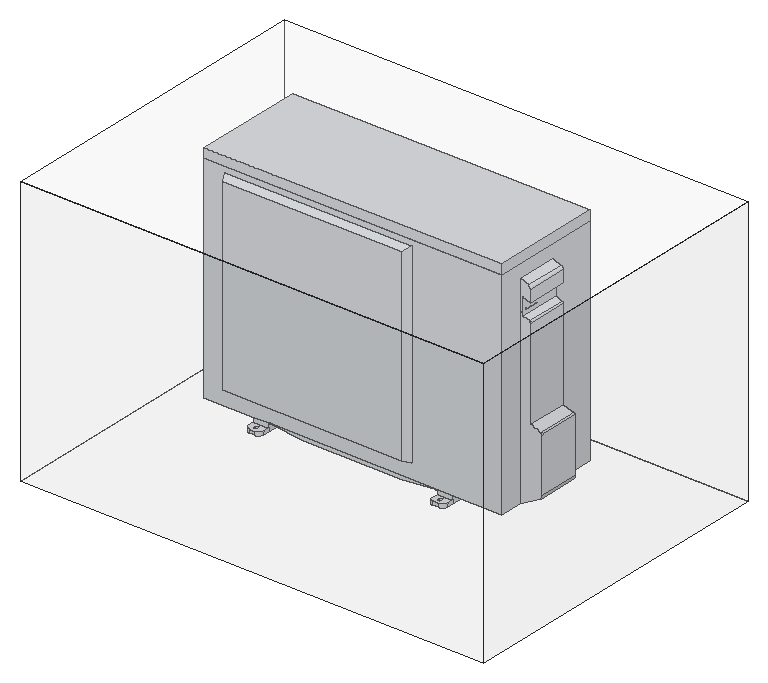
Revit family "puz-ermp40_63ska12_50Hz", category 機械設備, Revit 2019 (continued)
Definition of nested family "PUZ-ZRMP-1"
  Lines and regions (mm)
    model lines, visible <- "タイプ3", not visible
      curve 342: line (-404.5, -100, 907) -> (-404.5, -60, 907)
      curve 343: line (-404.5, -100, 1097) -> (-404.5, -100, 907)
      curve 344: line (-404.5, -60, 1097) -> (-404.5, -100, 1097)
      curve 345: line (-404.5, -60, 907) -> (-404.5, -60, 1097)
      curve 346: line (-404.5, 60, 907) -> (-404.5, 100, 907)
      curve 347: line (-404.5, 60, 1097) -> (-404.5, 60, 907)
      curve 348: line (-404.5, 100, 1097) -> (-404.5, 60, 1097)
      curve 349: line (-404.5, 100, 907) -> (-404.5, 100, 1097)
      curve 350: line (-404.5, -46.667, 907) -> (-404.5, -6.667, 907)
      curve 351: line (-404.5, -46.667, 1097) -> (-404.5, -46.667, 907)
      curve 352: line (-404.5, -6.667, 1097) -> (-404.5, -46.667, 1097)
      curve 353: line (-404.5, -6.667, 907) -> (-404.5, -6.667, 1097)
      curve 354: line (-404.5, 6.667, 907) -> (-404.5, 46.667, 907)
      curve 355: line (-404.5, 6.667, 1097) -> (-404.5, 6.667, 907)
      curve 356: line (-404.5, 46.667, 1097) -> (-404.5, 6.667, 1097)
      curve 357: line (-404.5, 46.667, 907) -> (-404.5, 46.667, 1097)
      curve 358: line (-404.5, -100, 1112) -> (-404.5, -60, 1112)
      curve 359: line (-404.5, -100, 1302) -> (-404.5, -100, 1112)
      curve 360: line (-404.5, -60, 1302) -> (-404.5, -100, 1302)
      curve 361: line (-404.5, -60, 1112) -> (-404.5, -60, 1302)
      curve 362: line (-404.5, 60, 1112) -> (-404.5, 100, 1112)
      curve 363: line (-404.5, 60, 1302) -> (-404.5, 60, 1112)
      curve 364: line (-404.5, 100, 1302) -> (-404.5, 60, 1302)
      curve 365: line (-404.5, 100, 1112) -> (-404.5, 100, 1302)
      curve 366: line (-404.5, -46.667, 1112) -> (-404.5, -6.667, 1112)
      curve 367: line (-404.5, -46.667, 1302) -> (-404.5, -46.667, 1112)
      curve 368: line (-404.5, -6.667, 1302) -> (-404.5, -46.667, 1302)
      curve 369: line (-404.5, -6.667, 1112) -> (-404.5, -6.667, 1302)
      curve 370: line (-404.5, 6.667, 1112) -> (-404.5, 46.667, 1112)
      curve 371: line (-404.5, 6.667, 1302) -> (-404.5, 6.667, 1112)
      curve 372: line (-404.5, 46.667, 1302) -> (-404.5, 6.667, 1302)
      curve 373: line (-404.5, 46.667, 1112) -> (-404.5, 46.667, 1302)
    model lines, visible <- "タイプ2", not visible
      curve 374: line (-600, -100, 33.5) -> (-600, -60, 33.5)
      curve 375: line (-600, -100, 73.5) -> (-600, -100, 33.5)
      curve 376: line (-600, -60, 73.5) -> (-600, -100, 73.5)
      curve 377: line (-600, -60, 33.5) -> (-600, -60, 73.5)
      curve 378: line (-600, 60, 33.5) -> (-600, 100, 33.5)
      curve 379: line (-600, 60, 73.5) -> (-600, 60, 33.5)
      curve 380: line (-600, 100, 73.5) -> (-600, 60, 73.5)
      curve 381: line (-600, 100, 33.5) -> (-600, 100, 73.5)
      curve 382: line (-509, -46.667, 33.5) -> (-509, -6.667, 33.5)
      curve 383: line (-509, -46.667, 73.5) -> (-509, -46.667, 33.5)
      curve 384: line (-509, -6.667, 73.5) -> (-509, -46.667, 73.5)
      curve 385: line (-509, -6.667, 33.5) -> (-509, -6.667, 73.5)
      curve 386: line (-509, 6.667, 33.5) -> (-509, 46.667, 33.5)
      curve 387: line (-509, 6.667, 73.5) -> (-509, 6.667, 33.5)
      curve 388: line (-509, 46.667, 73.5) -> (-509, 6.667, 73.5)
      curve 389: line (-509, 46.667, 33.5) -> (-509, 46.667, 73.5)
      curve 483: line (-404.5, -100, 33.5) -> (-404.5, -60, 33.5)
      curve 484: line (-404.5, -100, 73.5) -> (-404.5, -100, 33.5)
      curve 485: line (-404.5, -60, 73.5) -> (-404.5, -100, 73.5)
      curve 486: line (-404.5, -60, 33.5) -> (-404.5, -60, 73.5)
      curve 487: line (-404.5, 60, 33.5) -> (-404.5, 100, 33.5)
      curve 488: line (-404.5, 60, 73.5) -> (-404.5, 60, 33.5)
      curve 489: line (-404.5, 100, 73.5) -> (-404.5, 60, 73.5)
      curve 490: line (-404.5, 100, 33.5) -> (-404.5, 100, 73.5)
      curve 491: line (-404.5, -46.667, 33.5) -> (-404.5, -6.667, 33.5)
      curve 492: line (-404.5, -46.667, 73.5) -> (-404.5, -46.667, 33.5)
      curve 493: line (-404.5, -6.667, 73.5) -> (-404.5, -46.667, 73.5)
      curve 494: line (-404.5, -6.667, 33.5) -> (-404.5, -6.667, 73.5)
      curve 495: line (-404.5, 6.667, 33.5) -> (-404.5, 46.667, 33.5)
      curve 496: line (-404.5, 6.667, 73.5) -> (-404.5, 6.667, 33.5)
      curve 497: line (-404.5, 46.667, 73.5) -> (-404.5, 6.667, 73.5)
      curve 498: line (-404.5, 46.667, 33.5) -> (-404.5, 46.667, 73.5)
    model lines, not visible
      curve 390: line (-404.5, -100, 87) -> (-404.5, -60, 87)
      curve 391: line (-404.5, -100, 277) -> (-404.5, -100, 87)
      curve 392: line (-404.5, -60, 277) -> (-404.5, -100, 277)
      curve 393: line (-404.5, -60, 87) -> (-404.5, -60, 277)
      curve 394: line (-404.5, -100, 292) -> (-404.5, -60, 292)
      curve 395: line (-404.5, -100, 482) -> (-404.5, -100, 292)
      curve 396: line (-404.5, -60, 482) -> (-404.5, -100, 482)
      curve 397: line (-404.5, -60, 292) -> (-404.5, -60, 482)
      curve 398: line (-404.5, -100, 497) -> (-404.5, -60, 497)
      curve 399: line (-404.5, -100, 687) -> (-404.5, -100, 497)
      curve 400: line (-404.5, -60, 687) -> (-404.5, -100, 687)
      curve 401: line (-404.5, -60, 497) -> (-404.5, -60, 687)
      curve 402: line (-404.5, -100, 702) -> (-404.5, -60, 702)
      curve 403: line (-404.5, -100, 892) -> (-404.5, -100, 702)
      curve 404: line (-404.5, -60, 892) -> (-404.5, -100, 892)
      curve 405: line (-404.5, -60, 702) -> (-404.5, -60, 892)
      curve 406: line (-404.5, 60, 87) -> (-404.5, 100, 87)
      curve 407: line (-404.5, 60, 277) -> (-404.5, 60, 87)
      curve 408: line (-404.5, 100, 277) -> (-404.5, 60, 277)
      curve 409: line (-404.5, 100, 87) -> (-404.5, 100, 277)
      curve 410: line (-404.5, -46.667, 87) -> (-404.5, -6.667, 87)
      curve 411: line (-404.5, -46.667, 277) -> (-404.5, -46.667, 87)
      curve 412: line (-404.5, -6.667, 277) -> (-404.5, -46.667, 277)
      curve 413: line (-404.5, -6.667, 87) -> (-404.5, -6.667, 277)
      curve 414: line (-404.5, 6.667, 87) -> (-404.5, 46.667, 87)
      curve 415: line (-404.5, 6.667, 277) -> (-404.5, 6.667, 87)
      curve 416: line (-404.5, 46.667, 277) -> (-404.5, 6.667, 277)
      curve 417: line (-404.5, 46.667, 87) -> (-404.5, 46.667, 277)
      curve 418: line (-404.5, 60, 292) -> (-404.5, 100, 292)
      curve 419: line (-404.5, 60, 482) -> (-404.5, 60, 292)
      curve 420: line (-404.5, 100, 482) -> (-404.5, 60, 482)
      curve 421: line (-404.5, 100, 292) -> (-404.5, 100, 482)
      curve 422: line (-404.5, 60, 702) -> (-404.5, 100, 702)
      curve 423: line (-404.5, 60, 892) -> (-404.5, 60, 702)
      curve 424: line (-404.5, 100, 892) -> (-404.5, 60, 892)
      curve 425: line (-404.5, 100, 702) -> (-404.5, 100, 892)
      curve 426: line (-404.5, -46.667, 292) -> (-404.5, -6.667, 292)
      curve 427: line (-404.5, -46.667, 482) -> (-404.5, -46.667, 292)
      curve 428: line (-404.5, -6.667, 482) -> (-404.5, -46.667, 482)
      curve 429: line (-404.5, -6.667, 292) -> (-404.5, -6.667, 482)
      curve 430: line (-404.5, -46.667, 497) -> (-404.5, -6.667, 497)
      curve 431: line (-404.5, -46.667, 687) -> (-404.5, -46.667, 497)
      curve 432: line (-404.5, -6.667, 687) -> (-404.5, -46.667, 687)
      curve 433: line (-404.5, -6.667, 497) -> (-404.5, -6.667, 687)
      curve 434: line (-404.5, -46.667, 702) -> (-404.5, -6.667, 702)
      curve 435: line (-404.5, -46.667, 892) -> (-404.5, -46.667, 702)
      curve 436: line (-404.5, -6.667, 892) -> (-404.5, -46.667, 892)
      curve 437: line (-404.5, -6.667, 702) -> (-404.5, -6.667, 892)
      curve 438: line (-404.5, 6.667, 292) -> (-404.5, 46.667, 292)
      curve 439: line (-404.5, 6.667, 482) -> (-404.5, 6.667, 292)
      curve 440: line (-404.5, 46.667, 482) -> (-404.5, 6.667, 482)
      curve 441: line (-404.5, 46.667, 292) -> (-404.5, 46.667, 482)
      curve 442: line (-404.5, 6.667, 497) -> (-404.5, 46.667, 497)
      curve 443: line (-404.5, 6.667, 687) -> (-404.5, 6.667, 497)
      curve 444: line (-404.5, 46.667, 687) -> (-404.5, 6.667, 687)
      curve 445: line (-404.5, 46.667, 497) -> (-404.5, 46.667, 687)
      curve 446: line (-404.5, 6.667, 702) -> (-404.5, 46.667, 702)
      curve 447: line (-404.5, 6.667, 892) -> (-404.5, 6.667, 702)
      curve 448: line (-404.5, 46.667, 892) -> (-404.5, 6.667, 892)
      curve 449: line (-404.5, 46.667, 702) -> (-404.5, 46.667, 892)
      curve 450: line (-338.5, -173.2, 372.5) -> (149.5, -173.2, 372.5)
      curve 451: line (149.5, -173.2, 277.5) -> (-338.5, -173.2, 277.5)
      curve 452: line (-338.5, -173.2, 467.5) -> (149.5, -173.2, 467.5)
      curve 453: line (-338.5, -173.2, 562.5) -> (149.5, -173.2, 562.5)
      curve 454: line (149.5, -173.2, 182.5) -> (-338.5, -173.2, 182.5)
      curve 455: line (149.5, -173.2, 87.5) -> (-338.5, -173.2, 87.5)
      curve 456: line (-321.071, -173.2, 579) -> (-321.071, -173.2, 71)
      curve 457: line (132.071, -173.2, 71) -> (132.071, -173.2, 579)
      curve 458: line (-303.643, -173.2, 579) -> (-303.643, -173.2, 71)
      curve 459: line (-286.214, -173.2, 579) -> (-286.214, -173.2, 71)
      curve 460: line (-268.786, -173.2, 579) -> (-268.786, -173.2, 71)
      curve 461: line (-251.357, -173.2, 579) -> (-251.357, -173.2, 71)
      curve 462: line (-233.929, -173.2, 579) -> (-233.929, -173.2, 71)
      curve 463: line (-216.5, -173.2, 579) -> (-216.5, -173.2, 71)
      curve 464: line (-199.071, -173.2, 579) -> (-199.071, -173.2, 71)
      curve 465: line (-181.643, -173.2, 579) -> (-181.643, -173.2, 71)
      curve 466: line (-164.214, -173.2, 579) -> (-164.214, -173.2, 71)
      curve 467: line (-146.786, -173.2, 579) -> (-146.786, -173.2, 71)
      curve 468: line (-129.357, -173.2, 579) -> (-129.357, -173.2, 71)
      curve 469: line (-111.929, -173.2, 579) -> (-111.929, -173.2, 71)
      curve 470: line (-94.5, -173.2, 579) -> (-94.5, -173.2, 71)
      curve 471: line (-77.071, -173.2, 579) -> (-77.071, -173.2, 71)
      curve 472: line (-59.643, -173.2, 579) -> (-59.643, -173.2, 71)
      curve 473: line (-42.214, -173.2, 579) -> (-42.214, -173.2, 71)
      curve 474: line (-24.786, -173.2, 579) -> (-24.786, -173.2, 71)
      curve 475: line (-7.357, -173.2, 579) -> (-7.357, -173.2, 71)
      curve 476: line (10.071, -173.2, 579) -> (10.071, -173.2, 71)
      curve 477: line (27.5, -173.2, 579) -> (27.5, -173.2, 71)
      curve 478: line (44.929, -173.2, 579) -> (44.929, -173.2, 71)
      curve 479: line (62.357, -173.2, 579) -> (62.357, -173.2, 71)
      curve 480: line (79.786, -173.2, 579) -> (79.786, -173.2, 71)
      curve 481: line (97.214, -173.2, 579) -> (97.214, -173.2, 71)
      curve 482: line (114.643, -173.2, 579) -> (114.643, -173.2, 71)
    symbolic lines, visible <- "タイプ1"
      curve 499: line (-278.151, 150, 630) -> (-404.5, 150, 630)
      curve 500: line (-404.5, 150, 630) -> (-404.5, -5.599, 630)
      curve 501: line (-404.5, 40, 630) -> (-424.5, 30, 630)
      curve 502: line (-424.5, 30, 630) -> (-424.5, -30, 630)
      curve 503: line (-424.5, -30, 630) -> (-404.5, -40, 630)
      curve 504: line (-404.5, -5.599, 630) -> (-404.5, -150, 630)
      curve 505: line (-404.5, -150, 630) -> (-301.612, -150, 630)
      curve 506: arc (-272.806, -170, 630) -> (-268.124, -177.204, 630) -> (-260, -180, 630) r 13.2
      curve 507: line (-260, -180, 630) -> (-243.332, -180, 630)
      curve 508: arc (-243.332, -180, 630) -> (-235.208, -177.204, 630) -> (-230.526, -170, 630) r 13.2
      curve 509: line (-301.612, -150, 630) -> (280.999, -150, 630)
      curve 510: line (230, -150, 630) -> (230, -170, 630)
      curve 511: arc (230, -170, 630) -> (232.929, -177.071, 630) -> (240, -180, 630) r 10
      curve 512: line (240, -180, 630) -> (256.8, -180, 630)
      curve 513: arc (256.8, -180, 630) -> (266.134, -176.134, 630) -> (270, -166.8, 630) r 13.2
      curve 514: line (270, -166.8, 630) -> (270, -150, 630)
      curve 515: line (280.999, -150, 630) -> (404.5, -150, 630)
      curve 516: line (404.5, -150, 630) -> (404.5, -77.105, 630)
      curve 517: line (404.5, -90, 630) -> (466.5, -90, 630)
      curve 518: line (466.5, -90, 630) -> (466.5, 20, 630)
      curve 519: line (466.5, 20, 630) -> (404.5, 20, 630)
      curve 520: line (404.5, -77.105, 630) -> (404.5, 150, 630)
      curve 521: line (404.5, 150, 630) -> (308.975, 150, 630)
      curve 522: line (270, 150, 630) -> (270, 180, 630)
      curve 523: line (270, 180, 630) -> (230, 180, 630)
      curve 524: line (230, 180, 630) -> (230, 150, 630)
      curve 525: line (308.975, 150, 630) -> (-278.151, 150, 630)
      curve 526: line (-230, 150, 630) -> (-230, 180, 630)
      curve 527: line (-230, 180, 630) -> (-270, 180, 630)
      curve 528: line (-270, 180, 630) -> (-270, 150, 630)
      curve 529: line (-324.5, 100, 630) -> (324.5, 100, 630)
      curve 530: line (-324.5, 40, 630) -> (-324.5, 100, 630)
      curve 531: line (324.5, 40, 630) -> (-324.5, 40, 630)
      curve 532: line (324.5, 100, 630) -> (324.5, 40, 630)
      curve 533: line (324.5, 30, 630) -> (-324.5, 30, 630)
      curve 534: line (324.5, -30, 630) -> (324.5, 30, 630)
      curve 535: line (-324.5, -30, 630) -> (324.5, -30, 630)
      curve 536: line (-324.5, 30, 630) -> (-324.5, -30, 630)
      curve 537: line (-324.5, -40, 630) -> (324.5, -40, 630)
      curve 538: line (-324.5, -100, 630) -> (-324.5, -40, 630)
      curve 539: line (324.5, -100, 630) -> (-324.5, -100, 630)
      curve 540: line (324.5, -40, 630) -> (324.5, -100, 630)
      curve 541: line (339.5, 100, 630) -> (354.5, 100, 630)
      curve 542: line (339.5, -100, 630) -> (339.5, 100, 630)
      curve 543: line (354.5, -100, 630) -> (339.5, -100, 630)
      curve 544: line (354.5, 100, 630) -> (354.5, -100, 630)
      curve 545: line (-354.5, 100, 630) -> (-339.5, 100, 630)
      curve 546: line (-354.5, -100, 630) -> (-354.5, 100, 630)
      curve 547: line (-339.5, -100, 630) -> (-354.5, -100, 630)
      curve 548: line (-339.5, 100, 630) -> (-339.5, -100, 630)
      curve 549: line (-338.5, -170, 630) -> (149.5, -170, 630)
      curve 550: line (149.5, -170, 630) -> (159.5, -150, 630)
      curve 551: line (-348.5, -150, 630) -> (-338.5, -170, 630)
  Dimensions and locks
    equal spacing: plane 8, plane 1 "中心(正面/背面)", plane 7
    "奥行き": plane 8 to plane 7
    equal spacing: plane 5, plane 3 "中心(左/右)", plane 6
    "幅さ": plane 5 to plane 6
    "高さ": plane 4 to level
    locked: plane 6 to plane 9 at 62
    locked: plane 8 to plane 10 at 60
    locked: plane 8 to plane 11 at 170
    locked: plane 4 to plane 12 at 25
    locked: plane 13 to plane 5 at 20
    "吊りボルト-D": plane 17 to plane 16
    equal spacing: plane 17, plane 1 "中心(正面/背面)", plane 16
    equal spacing: plane 14, plane 3 "中心(左/右)", plane 15
    "吊りボルト-W": plane 14 to plane 15
    plane 21 to plane 14 to plane 20 = 20 mm locked, 20 mm locked
    plane 19 to plane 15 to plane 18 = 20 mm locked, 20 mm locked
    locked: plane 16 to plane 22 at 15
    locked: plane 23 to plane 17 at 15
    locked: plane 24 to level at 8.5
    locked: plane 25 to level at 20
    locked: plane 26 to plane 24 at 3
    locked: plane 4 to plane 29 at 5
    plane 7 to plane 1 "中心(正面/背面)" to plane 8 = 150 mm, 150 mm
    plane 31 to plane 1 "中心(正面/背面)" to plane 30 = 40 mm locked, 40 mm locked
    plane 33 to plane 1 "中心(正面/背面)" to plane 32 = 30 mm locked, 30 mm locked
    locked: plane 34 to plane 12 at 5
    locked: plane 35 to level at 55
    locked: plane 36 to level at 225
    equal spacing: plane 6, plane 39, plane 9
    locked: plane 6 to plane 38 at 10
    locked: plane 20 to plane 27 at 95
    locked: plane 28 to plane 19 at 95
    "換気-D": plane 40 to plane 8
    "換気-W": plane 41 to plane 5
    "換気-H1": plane 42 to level
    plane 43 to plane 41 to plane 44 = 254 mm locked, 254 mm locked
    plane 45 to plane 42 to plane 46 = 264 mm locked, 264 mm locked
    locked: plane 43 to plane 48 at 10
    locked: plane 47 to plane 44 at 10
    locked: plane 45 to plane 49 at 10
    locked: plane 50 to plane 46 at 10
    locked: curve 26 to plane 50 at 16.5
    locked: plane 49 to curve 24 at 16.5
    equal spacing: curve 24, curve 23, curve 21, curve 22, curve 25, curve 26
    equal spacing: plane 48, curve 28, curve 53, curve 52, curve 51, curve 50, curve 49, curve 48, curve 47, curve 46, curve 45, curve 44, curve 43, curve 42, curve 41, curve 40, curve 39, curve 38, curve 37, curve 36, curve 35, curve 34, curve 33, curve 32, curve 31, curve 30, curve 29, curve 27, plane 47
    locked: curve 4 to curve 6 at 10
    locked: curve 3 to curve 5 at 10
    locked: plane 51 to plane 7 at 50
    locked: plane 8 to plane 52 at 50
    equal spacing: group 1, group 2, group 3, group 4, group 5, group 6, group 7, group 8, group 9, group 10, group 11, group 12, group 13, group 14, group 15, group 16, group 17, group 18  (x2)
    equal spacing: group 18, group 17, group 16, group 15, group 14, group 13, group 12, group 11, group 10, group 9, group 8, group 7, group 6, group 5, group 4, group 3, group 2, group 1
    "ドレン管径-X": plane 5 to plane 53
    "ドレン管径-Y": plane 8 to plane 54
    "配線取出口-Y": plane 57 to plane 7
    "冷媒液管径-Y": plane 58 to plane 7
    "冷媒ガス管径-Y": plane 59 to plane 7
    "配線取出口-X": plane 3 "中心(左/右)" to plane 56
    "冷媒ガス管径-X": plane 3 "中心(左/右)" to plane 55
    "冷媒液管径-X": plane 3 "中心(左/右)" to plane 60
    "冷媒液管径-Z": plane 62 to level
    "冷媒ガス管径-Z": plane 61 to level
    "配線取出口-Z": plane 63 to level
    locked: plane 57 to plane 64 at 50
    locked: plane 65 to plane 61 at 37.8
    locked: plane 66 to plane 62 at 16.1
    equal spacing: plane 55, plane 67, plane 60
    equal spacing: plane 58, plane 68, plane 59
    "a": plane 69 "グループ" to plane 3 "中心(左/右)"
    plane 71 to level = 943 mm
    plane 70 to level = 1338 mm
    locked: plane 37 to level at 570
    curve 21 to plane 42 to curve 22 = 47.5 mm locked, 47.5 mm locked
    "換気-H2": plane 72 to plane 42
    plane 73 to plane 72 to plane 74 = 264 mm locked, 264 mm locked
    locked: plane 76 to plane 74 at 10
    locked: plane 73 to plane 75 at 10
    plane 48 to plane 47 = 488 mm
    plane 68 to plane 7 = 185.5 mm
    plane 61 to level = 99.5 mm
    plane 65 to plane 61 = 37.8 mm
    plane 62 to level = 164.5 mm
    plane 66 to plane 62 = 16.1 mm
    plane 68 to plane 77 to plane 78 = 23 mm locked, 17.5 mm locked
    plane 68 to plane 77 = 23 mm
    plane 77 to plane 78 = 17.5 mm
    equal spacing: plane 77, plane 79, plane 78
    "ドレン配管サイズ": diameter of Extrusion 3 sketch curve
    "配線取出口サイズ": diameter of Extrusion 9 sketch curve
    "吊りボルト-φ": diameter of Extrusion 10 sketch curve  (x4)
    "冷媒配管サイズ": diameter of Sweep 11 sketch curve
    "ガス配管サイズ": diameter of Sweep 12 sketch curve
    aligned and locked: level to plane 2
    aligned and locked: Extrusion 1 to level
    aligned and locked: plane 25 to Extrusion 1
    aligned and locked: Extrusion 2 sketch curve to plane 25
    aligned and locked: Extrusion 2 sketch curve to plane 26
    aligned and locked: Extrusion 2 to plane 7
    aligned and locked: plane 8 to Extrusion 2
    aligned and locked: Extrusion 3 to plane 26
    aligned and locked: Extrusion 3 to plane 24
    aligned and locked: Extrusion 4 sketch curve to plane 7
    aligned and locked: Extrusion 4 sketch curve to plane 8
    aligned and locked: Extrusion 4 sketch curve to plane 5
    aligned and locked: Extrusion 4 sketch curve to plane 6
    aligned and locked: Extrusion 4 to plane 25
    aligned and locked: plane 12 to Extrusion 4
    aligned and locked: Extrusion 5 sketch curve to Extrusion 4  (x4)
    aligned and locked: Extrusion 5 to plane 12
    aligned and locked: plane 4 to Extrusion 5
    aligned and locked: plane 29 to Blend 6 sketch curve
    aligned and locked: Blend 6 sketch curve to plane 31
    aligned and locked: Blend 6 sketch curve to plane 12  (x2)
    aligned and locked: plane 30 to Blend 6 sketch curve
    aligned and locked: plane 34 to Blend 6 sketch curve
    aligned and locked: Blend 6 sketch curve to plane 33
    aligned and locked: plane 32 to Blend 6 sketch curve
    aligned and locked: Blend 6 to plane 13
    aligned and locked: plane 5 to Blend 6
    aligned and locked: Extrusion 7 sketch curve to plane 6
    aligned and locked: Extrusion 7 sketch curve to plane 9
    aligned and locked: Extrusion 7 sketch curve to plane 39
    aligned and locked: Extrusion 7 sketch curve to Extrusion 7 sketch curve
    aligned and locked: Extrusion 7 sketch curve to plane 38
    aligned and locked: Extrusion 7 to plane 11
    aligned and locked: plane 10 to Extrusion 7
    aligned and locked: Blend 8 sketch curve to plane 45
    aligned and locked: Blend 8 sketch curve to plane 46
    aligned and locked: Blend 8 sketch curve to plane 44
    aligned and locked: Blend 8 sketch curve to plane 43
    aligned and locked: Blend 8 sketch curve to plane 49
    aligned and locked: Blend 8 sketch curve to plane 47
    aligned and locked: Blend 8 sketch curve to plane 48
    aligned and locked: Blend 8 sketch curve to plane 50
    aligned and locked: Blend 8 to plane 8
    aligned and locked: plane 40 to Blend 8
    aligned and locked: curve 17 to plane 51
    aligned and locked: curve 1 to plane 51
    aligned and locked: plane 51 to curve 19
    aligned and locked: curve 18 to plane 52
    aligned and locked: plane 52 to curve 2
    aligned and locked: plane 52 to curve 20
    aligned and locked: plane 53 to Extrusion 3 sketch curve
    aligned and locked: plane 54 to Extrusion 3 sketch curve
    aligned and locked: plane 63 to Extrusion 9 sketch curve
    aligned and locked: plane 56 to Extrusion 9 sketch curve
    aligned and locked: plane 57 to Extrusion 9
    aligned and locked: Extrusion 9 to plane 64
    aligned and locked: plane 22 to Extrusion 10 sketch curve  (x4)
    aligned and locked: plane 21 to Extrusion 10 sketch curve
    aligned and locked: Extrusion 2 to Extrusion 10 sketch curve  (x2)
    aligned and locked: Extrusion 10 sketch curve to Extrusion 1  (x6)
    aligned and locked: plane 19 to Extrusion 10 sketch curve
    aligned and locked: Extrusion 10 sketch curve to plane 23  (x2)
    aligned and locked: Extrusion 10 sketch curve to plane 18
    aligned and locked: Extrusion 10 sketch curve to plane 20
    aligned and locked: plane 16 to Extrusion 10 sketch curve  (x2)
    aligned and locked: plane 14 to Extrusion 10 sketch curve  (x2)
    aligned and locked: plane 17 to Extrusion 10 sketch curve  (x2)
    aligned and locked: plane 15 to Extrusion 10 sketch curve  (x2)
    aligned and locked: level to Extrusion 10
    aligned and locked: plane 24 to Extrusion 10
    aligned and locked: Masking region 1 sketch curve to Extrusion 5  (x4)
    aligned and locked: Masking region 1 sketch curve to Blend 6  (x3)
    aligned and locked: Masking region 1 sketch curve to Extrusion 7  (x2)
    aligned and locked: Masking region 1 sketch curve to plane 9
    aligned and locked: Masking region 1 sketch curve to Extrusion 10  (x8)
    aligned and locked: Masking region 1 to curve 499
    aligned and locked: curve 500 to Masking region 1
    aligned and locked: curve 501 to Masking region 1
    aligned and locked: curve 502 to Masking region 1
    aligned and locked: curve 503 to Masking region 1
    aligned and locked: curve 504 to Masking region 1
    aligned and locked: curve 505 to Masking region 1
    aligned and locked: curve 506 to Masking region 1
    aligned and locked: curve 508 to Masking region 1
    aligned and locked: curve 510 to Masking region 1
    aligned and locked: curve 511 to Masking region 1
    aligned and locked: curve 513 to Masking region 1
    aligned and locked: Masking region 1 to curve 515
    aligned and locked: curve 516 to Masking region 1
    aligned and locked: curve 517 to Masking region 1
    aligned and locked: curve 518 to Masking region 1
    aligned and locked: curve 519 to Masking region 1
    aligned and locked: curve 520 to Masking region 1
    aligned and locked: curve 521 to Masking region 1
    aligned and locked: curve 522 to Masking region 1
    aligned and locked: curve 523 to Masking region 1
    aligned and locked: curve 524 to Masking region 1
    aligned and locked: curve 525 to Masking region 1
    aligned and locked: curve 526 to Masking region 1
    aligned and locked: curve 527 to Masking region 1
    aligned and locked: curve 528 to Masking region 1
    aligned and locked: curve 532 to curve 12
    aligned and locked: Masking region 1 sketch curve to curve 21
    aligned and locked: Masking region 1 sketch curve to Blend 8  (x2)
    aligned and locked: curve 549 to Blend 8
    aligned and locked: curve 550 to Blend 8
    aligned and locked: curve 551 to Blend 8
    aligned and locked: plane 78 to Sweep 12 sketch curve
    aligned and locked: plane 58 to Sweep 12 sketch curve
    aligned and locked: plane 77 to Sweep 11 sketch curve
    aligned and locked: plane 58 to Sweep 11 sketch curve
    aligned and locked: plane 61 to Sweep 12 sketch curve
  Automatic sketch dimensions
    Extrusion 2 sketch curve to plane 20 = 0 mm
    Extrusion 2 sketch curve to plane 27 = 0 mm
    Extrusion 2 sketch curve to plane 28 = 0 mm
    Extrusion 2 sketch curve to plane 19 = 0 mm
    Extrusion 7 sketch curve to plane 39 = 0 mm
    Extrusion 7 sketch curve to plane 25 = 0 mm
    Extrusion 7 sketch curve to plane 36 = 0 mm
    Extrusion 7 sketch curve to plane 37 = 0 mm
    Extrusion 7 sketch curve to Extrusion 7 sketch curve = 10 mm
    Extrusion 7 sketch curve to plane 39 = 6.58 mm
    Extrusion 7 sketch curve to Extrusion 7 sketch curve = 5 mm  (x2)
    plane 39 to Extrusion 7 sketch curve = 21 mm
    Extrusion 7 sketch curve to plane 39 = 3.29 mm
    Extrusion 7 sketch curve to plane 9 = 3.29 mm
    Extrusion 7 sketch curve to plane 35 = 2.87 mm
    Extrusion 7 sketch curve to Extrusion 7 sketch curve = 81.633 mm
    Extrusion 7 sketch curve to Extrusion 7 sketch curve = 30.244 mm
    Extrusion 7 sketch curve to Extrusion 7 sketch curve = 7.643 mm
    plane 7 to Extrusion 1 sketch curve = 0 mm  (x2)
    Extrusion 1 sketch curve to plane 18 = 0 mm
    plane 8 to Extrusion 1 sketch curve = 0 mm  (x2)
    Extrusion 1 sketch curve to plane 19 = 0 mm
    Extrusion 1 sketch curve to plane 20 = 0 mm
    Extrusion 1 sketch curve to plane 21 = 0 mm
    curve 383 to curve 384 = 40 mm
    curve 382 to curve 386 = 13.333 mm
    curve 386 to curve 386 = 40 mm
    curve 382 to curve 389 = 0 mm
    curve 382 to curve 384 = 40 mm
    curve 384 to curve 387 = 0 mm
    curve 375 to curve 376 = 40 mm
    curve 374 to curve 378 = 120 mm
    curve 378 to curve 378 = 40 mm
    curve 374 to curve 381 = 0 mm
    curve 374 to curve 376 = 40 mm
    curve 378 to curve 379 = 40 mm
    curve 25 to plane 47 = 0 mm
    curve 24 to plane 47 = 0 mm
    curve 22 to plane 47 = 0 mm
    curve 23 to plane 47 = 0 mm
    curve 26 to plane 47 = 0 mm
    curve 21 to plane 47 = 0 mm
    curve 24 to plane 48 = 0 mm
    curve 25 to plane 48 = 0 mm
    curve 26 to plane 48 = 0 mm
    curve 23 to plane 48 = 0 mm
    curve 22 to plane 48 = 0 mm
    curve 21 to plane 48 = 0 mm
    curve 37 to plane 50 = 0 mm
    curve 52 to plane 50 = 0 mm
    curve 51 to plane 50 = 0 mm
    curve 50 to plane 50 = 0 mm
    curve 49 to plane 50 = 0 mm
    curve 48 to plane 50 = 0 mm
    curve 47 to plane 50 = 0 mm
    curve 46 to plane 50 = 0 mm
    curve 45 to plane 50 = 0 mm
    curve 44 to plane 50 = 0 mm
    curve 43 to plane 50 = 0 mm
    curve 42 to plane 50 = 0 mm
    curve 41 to plane 50 = 0 mm
    curve 27 to plane 50 = 0 mm
    curve 28 to plane 50 = 0 mm
    curve 40 to plane 50 = 0 mm
    curve 39 to plane 50 = 0 mm
    curve 29 to plane 50 = 0 mm
    curve 38 to plane 50 = 0 mm
    curve 30 to plane 50 = 0 mm
    curve 53 to plane 50 = 0 mm
    curve 31 to plane 50 = 0 mm
    curve 36 to plane 50 = 0 mm
    curve 32 to plane 50 = 0 mm
    curve 35 to plane 50 = 0 mm
    curve 33 to plane 50 = 0 mm
    curve 34 to plane 50 = 0 mm
    curve 28 to plane 49 = 0 mm
    curve 41 to plane 49 = 0 mm
    curve 27 to plane 49 = 0 mm
    curve 42 to plane 49 = 0 mm
    curve 31 to plane 49 = 0 mm
    curve 40 to plane 49 = 0 mm
    curve 37 to plane 49 = 0 mm
    curve 39 to plane 49 = 0 mm
    curve 32 to plane 49 = 0 mm
    curve 45 to plane 49 = 0 mm
    curve 36 to plane 49 = 0 mm
    curve 46 to plane 49 = 0 mm
    curve 43 to plane 49 = 0 mm
    curve 47 to plane 49 = 0 mm
    curve 29 to plane 49 = 0 mm
    curve 48 to plane 49 = 0 mm
    curve 30 to plane 49 = 0 mm
    curve 49 to plane 49 = 0 mm
    curve 44 to plane 49 = 0 mm
    curve 50 to plane 49 = 0 mm
    curve 33 to plane 49 = 0 mm
    curve 51 to plane 49 = 0 mm
    curve 35 to plane 49 = 0 mm
    curve 52 to plane 49 = 0 mm
    curve 38 to plane 49 = 0 mm
    curve 53 to plane 49 = 0 mm
    curve 34 to plane 49 = 0 mm
    Masking region 1 sketch curve to plane 5 = 0 mm
    Masking region 1 sketch curve to plane 6 = 0 mm
    plane 7 to Masking region 1 sketch curve = 0 mm  (x2)
    Masking region 1 sketch curve to plane 15 = 10 mm
    Masking region 1 sketch curve to plane 19 = 0 mm
    plane 8 to Masking region 1 sketch curve = 0 mm  (x2)
    plane 32 to curve 535 = 0 mm
    plane 33 to curve 534 = 0 mm
    curve 541 to plane 56 = 45.5 mm
    curve 13 to curve 20 = 15 mm
    plane 18 to curve 535 = 54.5 mm
    curve 532 to curve 6 = 0 mm
    curve 537 to curve 5 = 0 mm
    plane 47 to curve 536 = 14 mm
    plane 47 to curve 538 = 14 mm
    plane 47 to curve 1 = 14 mm
    curve 16 to plane 47 = 1 mm
    curve 15 to plane 44 = 6 mm
    plane 1 "中心(正面/背面)" to curve 504 = 5.599 mm
    curve 528 to curve 499 = 8.151 mm
    curve 521 to curve 522 = 38.975 mm
    curve 516 to plane 10 = 12.895 mm
    curve 515 to curve 514 = 10.999 mm
    plane 40 to Masking region 1 sketch curve = 0 mm
    Masking region 1 sketch curve to plane 40 = 3.2 mm  (x2)
    Masking region 1 sketch curve to plane 14 = 10 mm
    Masking region 1 sketch curve to plane 20 = 0.526 mm
    curve 509 to plane 21 = 31.612 mm
    Sweep 12 sketch curve to plane 65 = 0 mm
    Sweep 11 sketch curve to plane 62 = 0 mm
    Sweep 11 sketch curve to plane 66 = 0 mm
    plane 40 to Extrusion 10 sketch curve = 0 mm
    plane 17 to Extrusion 10 sketch curve = 0 mm  (x2)
    Extrusion 10 sketch curve to Extrusion 10 sketch curve = 1.8 mm  (x3)
    plane 17 to Extrusion 10 sketch curve = 1.8 mm  (x2)
    Extrusion 10 sketch curve to Extrusion 10 sketch curve = 0 mm
    Sweep 11 sketch curve to plane 67 = 0 mm
    Sweep 11 sketch curve to profile plane = 0 mm
    Sweep 12 sketch curve to plane 67 = 0 mm
    Sweep 12 sketch curve to profile plane = 0 mm
Definition of nested family "固定点"
  Parameters (values of type "固定点")
    中心円 = if(W > 599 mm, 12 mm, 10 mm)  # 12 mm
    W = 1000 mm
    D = 1000 mm
  Reference planes
    plane 1 "中心(正面/背面)": y = 0
    plane 2: z = 0
    plane 3 "中心(左/右)": x = 0
    plane 4: x = 1000
    plane 5: y = 1000
  Lines and regions (mm)
    symbolic lines, detail levels fine
      curve 1: circle (0, 1000, 0) r 6 normal (0, 0, 1)
      curve 2: circle (0, 0, 0) r 6 normal (0, 0, 1)
      curve 3: circle (1000, 1000, 0) r 6 normal (0, 0, 1)
      curve 4: circle (1000, 0, 0) r 6 normal (0, 0, 1)
      curve 5: line (-200, 1000, 0) -> (1200, 1000, 0)
      curve 6: line (-200, 0, 0) -> (1200, 0, 0)
      curve 7: line (0, 1200, 0) -> (0, -200, 0)
      curve 8: line (1000, 1200, 0) -> (1000, -200, 0)
  Dimensions and locks
    "W": plane 3 "中心(左/右)" to plane 4
    "D": plane 1 "中心(正面/背面)" to plane 5
    "中心円": diameter of curve 1
    "中心円": diameter of curve 2
    "中心円": diameter of curve 3
    "中心円": diameter of curve 4
    aligned and locked: level to plane 2
    aligned and locked: plane 5 to curve 1
    aligned and locked: plane 3 "中心(左/右)" to curve 1
    aligned and locked: plane 3 "中心(左/右)" to curve 2
    aligned and locked: plane 1 "中心(正面/背面)" to curve 2
    aligned and locked: plane 4 to curve 3
    aligned and locked: plane 5 to curve 3
    aligned and locked: plane 1 "中心(正面/背面)" to curve 4
    aligned and locked: plane 4 to curve 4
    aligned and locked: plane 1 "中心(正面/背面)" to curve 6
    aligned and locked: curve 7 to plane 3 "中心(左/右)"
    aligned and locked: curve 8 to plane 4
  Automatic sketch dimensions
    curve 5 to plane 5 = 0 mm
    curve 6 to plane 3 "中心(左/右)" = 200 mm
    curve 5 to plane 3 "中心(左/右)" = 200 mm
    curve 4 to curve 6 = 200 mm
    curve 3 to curve 5 = 200 mm
    plane 1 "中心(正面/背面)" to curve 8 = 200 mm
    plane 1 "中心(正面/背面)" to curve 7 = 200 mm
    curve 3 to curve 8 = 200 mm
    curve 1 to curve 7 = 200 mm
Types (10, lengths in mm): name | 音響パワーレベル（冷）(dB) | 音響パワーレベル(dB) | 電動機出力_圧縮機 | 質量 | 製品質量 | 相 | 消費電力_暖房 | 消費電力_冷房 | 消費電力 | 構成品番 | 極数 | 暖房能力 | 推奨ブレーカー容量 | 価格 | 冷房能力 | URL
  PUZ-ERMP40SKA12 | 64 | 66 | 0.7 kW | 48.00 kg | 40.00 kg | 1 | 0.871 kW | 0.759 kW | 0.871 kW | "PUZ-ERMP40SKA" | 1 | 4 kW | 20 A | 486000 | 3.6 kW | "https://www.mitsubishielectric.co.jp/ldg/wink/ssl/displayProduct.do?pid=323543"
  PUZ-ERMP40KA12 | 64 | 66 | 0.7 kW | 45.60 kg | 38.00 kg | 3 | 0.871 kW | 0.759 kW | 0.871 kW | "PUZ-ERMP40KA" | 3 | 4 kW | 15 A | 486000 | 3.6 kW | "https://www.mitsubishielectric.co.jp/ldg/wink/ssl/displayProduct.do?pid=323542"
  PUZ-ERMP45SKA12 | 64 | 66 | 0.9 kW | 48.00 kg | 40.00 kg | 1 | 1.05 kW | 0.91 kW | 1.05 kW | "PUZ-ERMP45SKA" | 1 | 4.5 kW | 20 A | 530000 | 4 kW | "https://www.mitsubishielectric.co.jp/ldg/wink/ssl/displayProduct.do?pid=323549"
  PUZ-ERMP45KA12 | 64 | 66 | 0.9 kW | 45.60 kg | 38.00 kg | 3 | 1.05 kW | 0.91 kW | 1.05 kW | "PUZ-ERMP45KA" | 3 | 4.5 kW | 15 A | 530000 | 4 kW | "https://www.mitsubishielectric.co.jp/ldg/wink/ssl/displayProduct.do?pid=323548"
  PUZ-ERMP50SKA12 | 65 | 67 | 1 kW | 48.00 kg | 40.00 kg | 1 | 1.17 kW | 1.05 kW | 1.17 kW | "PUZ-ERMP50SKA" | 1 | 5 kW | 20 A | 570000 | 4.5 kW | "https://www.mitsubishielectric.co.jp/ldg/wink/ssl/displayProduct.do?pid=323555"
  PUZ-ERMP50KA12 | 65 | 67 | 1 kW | 45.60 kg | 38.00 kg | 3 | 1.17 kW | 1.05 kW | 1.17 kW | "PUZ-ERMP50KA" | 3 | 5 kW | 15 A | 570000 | 4.5 kW | "https://www.mitsubishielectric.co.jp/ldg/wink/ssl/displayProduct.do?pid=323554"
  PUZ-ERMP56SKA12 | 65 | 67 | 1.2 kW | 48.00 kg | 40.00 kg | 1 | 1.34 kW | 1.26 kW | 1.34 kW | "PUZ-ERMP56SKA" | 1 | 5.6 kW | 20 A | 600000 | 5 kW | "https://www.mitsubishielectric.co.jp/ldg/wink/ssl/displayProduct.do?pid=323640"
  PUZ-ERMP56KA12 | 65 | 67 | 1.2 kW | 45.60 kg | 38.00 kg | 3 | 1.34 kW | 1.26 kW | 1.34 kW | "PUZ-ERMP56KA" | 3 | 5.6 kW | 15 A | 600000 | 5 kW | "https://www.mitsubishielectric.co.jp/ldg/wink/ssl/displayProduct.do?pid=323560"
  PUZ-ERMP63SKA12 | 65 | 67 | 1.3 kW | 48.00 kg | 40.00 kg | 1 | 1.4 kW | 1.38 kW | 1.4 kW | "PUZ-ERMP63SKA" | 1 | 6.3 kW | 30 A | 659000 | 5.6 kW | "https://www.mitsubishielectric.co.jp/ldg/wink/ssl/displayProduct.do?pid=323641"
  PUZ-ERMP63KA12 | 65 | 67 | 1.3 kW | 46.80 kg | 39.00 kg | 3 | 1.4 kW | 1.38 kW | 1.4 kW | "PUZ-ERMP63KA" | 3 | 6.3 kW | 15 A | 659000 | 5.6 kW | "https://www.mitsubishielectric.co.jp/ldg/wink/ssl/displayProduct.do?pid=323565"
